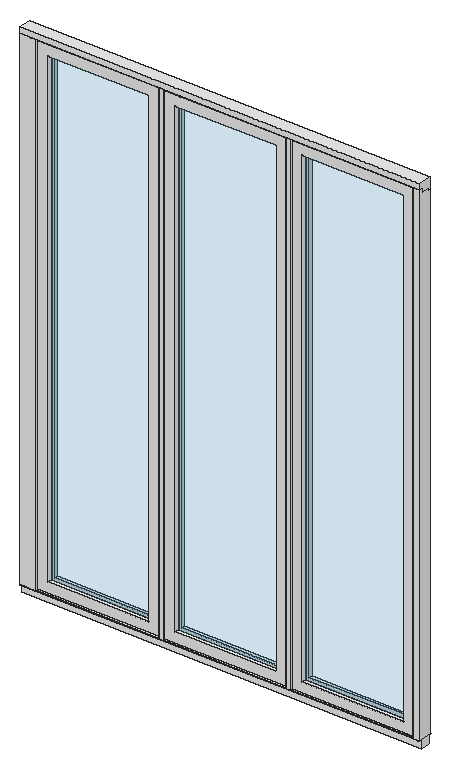
Revit family "Window-NanaWall-SL-73", category Windows, host Wall, Revit 2013
Parameters (values of type "Standard")
  Y N Override Stack [instance] = no
  Y N Override Number of Panels [instance] = no
  Warranty URL = "http://www.nanawall.com/support/warranty"
  URL = "http://www.nanawall.com/design/autocad"
  U Value = 0.34
  Thickness = 2 97/128"
  Subcategory = "Folding Window"  # constant formula
  Stack Thickness [instance] = 2 97/128" * Panels  # 8 35/128"
  Split Stack Right [instance] = 4
  Split Stack [instance] = no
  Size Comment [instance] = if(or(Y N Override Stack, Y N Override Number of Panels), "CONTACT NANAWALL FOR SPECIAL SIZING", " ")  # " "
  Size Chart [instance] = "http://www.nanawall.com/products/sl73/sizes"
  Single Right Stack [instance] = if(and(Y N Override Stack, Left Stack), 1 = 0, if(Right Standard = 1, 1 = 1, if(and(C Split Stack, Split Stack Right = 1), 1 = 1, 1 = 0)))  # no
  Single Panel [instance] = if(and(Closed, system length 1 < 39 1/16"), 1 = 1, if(system length 1 > 39", 1 = 0, 1 = 0))  # no
  Single Mullion [instance] = if(Panels = 2, 1 = 1, 1 = 0)  # no
  Single Left Stack [instance] = if(and(not(Y N Override Stack), (Left Standard = 1)), 1 = 1, if(and(Y N Override Stack, Left Stack, (Panels = 1)), 1 = 1, (if(and(C Split Stack, Split Stack Right = Panels - 1), 1 = 1, 1 = 0))))  # yes
  Sills Available = "Raised, Low Profile Saddle, Flush"  # constant formula
  Sash = Metal - NanaWall - Aluminum
  Rough Width = system length 1 - (2 * (1 141/256"))  # 92 115/128"
  Rough Height = Height - 2 183/256"  # 117 73/256"
  Right Standard [instance] = roundup(Panels / 2)  # 2
  Right Stack Width [instance] = RS C * Thickness  # 5 33/64"
  Right Stack [instance] = no
  RS C [instance] = if(RS = 1, 2, if(RS = 0, 2, if(C Split Stack, Split Stack Right, RS)))  # 2
  RS [instance] = if(Not Override Stack, Right Standard, if(C Right Stack, Panels, if(C Left Stack, 2, if(C Split Stack, Split Stack Right, 2))))  # 2
  Product Page URL = "http://www.nanawall.com/products/sl73"
  Performance URL = "http://www.nanawall.com/products/sl73/testingresult"
  Panels [instance] = if(Y N Override Number of Panels, Override Number of Panels, Panel Constraint)  # 3
  Panel Width [instance] = (system length 1 - (4 211/256" + 2 69/256" + (2 97/128" * Middle Jamb Panels))) / Panels  # 27 51/64"
  Panel Height = Height Constraint - 2 55/256" - 71/256" - 55/256"  # 117 75/256"
  Panel Constraint [instance] = if(system length 1 < 55", 2, if(system length 1 < 82", 2, if(system length 1 < 110", 3, if(system length 1 < 137", 4, if(system length 1 < 166", 5, if(system length 1 < 192", 6, if(system length 1 < 220", 7, if(system length 1 < 247", 8, if(system length 1 < 274", 10, if(system length 1 < 396", 11, if(system length 1 < 432", 12, if(system length 1 < 468", 13, if(system length 1 < 504", 14, if(system length 1 < 540", 15, if(system length 1 < 576", 16, if(system length 1 < 612", 17, if(system length 1 < 648", 18, if(system length 1 < 684", 19, if(system length 1 < 720", 20, 21)))))))))))))))))))  # 3
  Override Number of Panels [instance] = 2
  Opening Width [instance] = system length 1 - (4 211/256" + 2 69/256" + (Panels * 2 97/128"))  # 80 81/128"
  Open Width [instance] = system length 1 - 7 3/32"  # 88 29/32"
  Open Right Single [instance] = if(and(Open, Single Right Stack), 1 = 1, 1 = 0)  # no
  Open Right Multi [instance] = if(and(Open, Multiple Right Stack), 1 = 1, 1 = 0)  # no
  Open Left Single [instance] = if(and(Open, Single Left Stack), 1 = 1, 1 = 0)  # no
  Open Left Multi [instance] = if(and(Open, Multiple Left Stack), 1 = 1, 1 = 0)  # no
  Open [instance] = no
  Not Override Stack [instance] = not(Y N Override Stack)  # yes
  NanaWall Configurator = "http://www.nanawall.com/content/select-wizard"
  Multiple Right Stack [instance] = if(system length 1 < 39 1/16", 1 = 0, if(and(Right Standard < 1.5, Not Override Stack), 1 = 0, if(and(Right Standard > 1, Not Override Stack), 1 = 1, (if(and(C Split Stack, Split Stack Right > 1), 1 = 1, if(C Right Stack, 1 = 1, 1 = 0))))))  # yes
  Multiple Panel [instance] = if(and(Open, system length 1 > 39 1/16"), 1 = 0, if(and(Closed, system length 1 > 39 1/16"), 1 = 1, if(system length 1 < 39", 1 = 0, 1 = 1)))  # yes
  Multiple Left Stack [instance] = if(and(Left Standard > 1, Not Override Stack), 1 = 1, (if(and(C Split Stack, Split Stack Right < Panels - 1), 1 = 1, if(C Left Stack, 1 = 1, 1 = 0))))  # no
  Model = "SL73"  # constant formula
  Middle Jamb Panels [instance] = Actual Number of Panels + 1  # 2
  Max Panel Height = if(Panel Height > 120", 120", Panel Height)  # 117 75/256"
  Manufacturer Toll Free Phone = "(888) 411-NANA(6262)"  # constant formula
  Manufacturer Phone = "(415) 383-3148"  # constant formula
  Manufacturer Fax = "(415) 383-0312"  # constant formula
  Manufacturer Email = "mailto:info@nanawall.com"
  Manufacturer Address = "100 Meadowcreek Drive #250, Corte Madera, CA 94925"  # constant formula
  Manufacturer = "NanaWall Systems, Inc."  # constant formula
  Left Standard [instance] = rounddown(Panels / 2)  # 1
  Left Stack Width [instance] = LS C * Thickness  # 5 33/64"
  Left Stack [instance] = no
  LS C [instance] = if(LS = 1, 2, if(LS = 0, 2, if(C Split Stack, Panels - Split Stack Right, LS)))  # 2
  LS [instance] = if(Not Override Stack, Left Standard, if(C Left Stack, Panels, if(C Right Stack, 2, if(C Split Stack, Panels - Split Stack Right, 2))))  # 1
  Jamb Height = Height Constraint - 1 97/256" - 5/64"  # 118 139/256"
  Installation and Service URL = "http://www.nanawall.com/support/installer"
  Height Constraint = if(Height < 39", 39", if(Height > 120", 120", Height))  # 120"
  Height = 120"
  Wall Closure = By host
  system length 1 = 96"
  Half Panel Width [instance] = Panel Width / 2  # 13 115/128"
  Glazing Options = "http://www.nanawall.com/products/sl73/glazing"
  Glass Material = Glass - NanaWall - Generic
  Filler = Rubber - NanaWall - Black
  Exterior Wall Offset = 3"
  Engineering Details URL = "http://www.nanawall.com/products/sl73/component"
  Disclaimer = "Please note that the Revit model is for schematic purposes only.  To obtain a detailed 3D model, please go to the NanaWall's configurator at www.nanawall.com."  # constant formula
  Description = "Miami Dade / AAMA Hurricane Approved Thermally Broken Aluminum Framed System"  # constant formula
  Cost Info = "http://www.nanawall.com/design_wizard/sl73/quote-AP-49"
  Closed [instance] = not(Open)  # yes
  Clearance On [instance] = no
  C Split Stack [instance] = if(and(Y N Override Stack, Split Stack), 1 = 1, if(Right Stack, 1 = 0, if(Left Stack, 1 = 0, 1 = 0)))  # no
  C Right Stack [instance] = if(and(Y N Override Stack, Right Stack), 1 = 1, if(Left Stack, 1 = 0, if(Split Stack, 1 = 0, 1 = 1)))  # yes
  C Panels [instance] = if(Panels < 2, 2, Panels)  # 3
  C Middle Jamb Panels [instance] = if(Middle Jamb Panels < 2, 2, Middle Jamb Panels)  # 2
  C Left Stack [instance] = if(and(Y N Override Stack, Left Stack), 1 = 1, if(Right Stack, 1 = 0, if(Split Stack, 1 = 0, 1 = 0)))  # no
  Assembly Code = "B2030110"
  Actual Number of Panels [instance] = Panels - 2  # 1
  95 CSI = "8411"  # constant formula
  04 CSI = "08 41 13"  # constant formula
Values of the unnamed type that differ from the named types
  Wall Closure = (empty or 0)
Reference planes (in)
  plane 1 "Center (Front/Back)": y = 0
  plane 2 "Center (Left/Right)": x = 0
  plane 3 "Left": x = -48
  plane 4 "Right": x = 48
  plane 5 "Top": z = 120
  plane 6: z = 117.78568
  plane 7 "Top Edge Of Sill": z = 0.46274
  plane 8: z = 60
  plane 9: x = -43.17717
  plane 10: x = 45.73133
  plane 11: x = 40.95878
  plane 12: x = 17.93445
  plane 13: y = 0
  plane 14: y = -1.5748
  plane 15: x = -15.38029
  plane 16: y = 1.5748
  plane 17: y = 1.1811
  plane 18: x = -14.00234
  plane 19: x = 16.55555
  plane 20: x = 15.1776
  plane 21: x = -12.62438
  plane 22: z = 118.34646
  plane 23: z = 0.07874
  plane 24: x = 46.47441
  plane 25: x = -43.91535
  plane 26: x = -38.39973
Lines and regions (in)
  Opening 1
    outline origin (-90, -3, 0) x (1, 0, 0) y (0, 0, 1)
      loop
        line (42, 0) -> (138, 0) -> (138, 120) -> (42, 120) -> (42, 0)
  symbolic lines
    curve 1: line (-48, 1.1811, 0) -> (48, 1.1811, 0)
    curve 2: line (48, -1.5748, 0) -> (-48, -1.5748, 0)
    curve 3: line (-43.91535, -1.5748, 0) -> (-43.91535, 1.1811, 0)
    curve 4: line (46.47441, -1.5748, 0) -> (46.47441, 1.1811, 0)
  symbolic lines, visible <- "Clearance On"
    curve 5: line (-43.91535, -29.37168, 0) -> (-43.91535, -1.5748, 0)
    curve 6: line (46.47441, -29.37168, 0) -> (-43.91535, -29.37168, 0)
    curve 7: line (46.47441, -1.5748, 0) -> (46.47441, -29.37168, 0)
Text (in)
  text "Exterior" at (-74.96733, 72.19792, 0), in view "Ref. Level"
  text "Interior" at (-74.96733, -80.65592, 0), in view "Ref. Level"
  text "Exterior" at (0, 40.15149, 123.01588), in view "Right"
  text "Interior" at (0, -64.39139, 123.01588), in view "Right"
  text "Interior" at (0, -31.01599, 123.00693), in view "Left"
  text "Exterior" at (0, 54.57065, 123.00693), in view "Left"
Dimensions and locks (in)
  "Height Constraint": level to plane 5 "Top"
  "system length 1": plane 3 "Left" to plane 4 "Right"
  locked: level to plane 7 "Top Edge Of Sill" at 0.46274
  locked: plane 6 to plane 5 "Top" at 2.21432
  equal spacing: level, plane 8, plane 5 "Top"
  locked: plane 10 to plane 4 "Right" at 2.26867
  "Right Stack Width": plane 11 to plane 24
  "Panel Width": plane 12 to plane 10
  "Exterior Wall Offset": host wall to plane 13
  group 2 to group 1 = 2 97/128"
  group 1 to group 2 = 0"  (x2)
  locked: plane 13 to plane 14 at 1.5748
  equal spacing: plane 3 "Left", plane 2 "Center (Left/Right)", plane 4 "Right"
  locked: plane 3 "Left" to plane 9 at 4.82283
  "Panel Width": plane 9 to plane 15
  locked: plane 15 to plane 18 at 1.37795
  locked: plane 19 to plane 12 at 1.37891
  locked: plane 20 to plane 19 at 1.37795
  locked: plane 18 to plane 21 at 1.37795
  plane 15 to plane 21 = 2.75591"
  plane 22 to plane 5 "Top" = 1.65354"
  locked: plane 23 to level at 0.07874
  group 3 to group 4 = 30.55789"
  group 3 to group 4 = 0"  (x2)
  locked: plane 24 to plane 4 "Right" at 1.52559
  locked: plane 3 "Left" to plane 25 at 4.08465
  "Left Stack Width": plane 25 to plane 26
  group 5 to group 6 = 2 97/128"
  group 5 to group 6 = 0"  (x2)
  group 8 to group 7 = 2.75972"
  group 7 to group 8 = 0"  (x2)
  group 9 to group 10 = 2.75972"
  group 9 to group 10 = 0"  (x2)
  plane 3 "Left" to plane 9 = 4.82283"
  plane 10 to plane 4 "Right" = 2.26867"
  equal spacing: group 11, group 12, group 13  (x3)
  "Panel Width": plane 14 to curve 6
  aligned and locked: plane 3 "Left" to Opening 1 sketch curve
  aligned and locked: plane 5 "Top" to Opening 1 sketch curve  (x2)
  aligned and locked: Opening 1 sketch curve to plane 4 "Right"
  aligned and locked: Opening 1 sketch curve to level
  aligned and locked: nested 1 to nested 3
  aligned and locked: plane 5 "Top" to nested 3
  aligned and locked: plane 3 "Left" to nested 4
  aligned and locked: plane 14 to nested 6
  aligned and locked: nested 4 to plane 13
  aligned and locked: nested 2 to plane 13
  aligned and locked: plane 4 "Right" to nested 2
  aligned and locked: plane 3 "Left" to nested 2
  aligned and locked: plane 14 to nested 5
  aligned and locked: nested 1 to plane 4 "Right"
  aligned and locked: nested 2 to level
  aligned and locked: plane 9 to nested 7
  aligned and locked: nested 8 to plane 18
  aligned and locked: nested 1 to plane 23
  aligned and locked: plane 23 to nested 4
  aligned and locked: nested 8 to plane 23
  aligned and locked: nested 6 to plane 11
  aligned and locked: plane 14 to nested 8
  aligned and locked: plane 19 to nested 9
  aligned and locked: plane 14 to nested 9
  aligned and locked: nested 9 to plane 23
  aligned and locked: plane 14 to nested 1
  aligned and locked: plane 14 to nested 12
  aligned and locked: nested 5 to plane 24
  aligned and locked: nested 12 to plane 24
  aligned and locked: plane 14 to nested 13
  aligned and locked: plane 25 to nested 13
  aligned and locked: nested 14 to plane 26
  aligned and locked: plane 14 to nested 14
  aligned and locked: plane 14 to nested 11
  aligned and locked: plane 25 to nested 11
  aligned and locked: nested 10 to plane 14
  aligned and locked: nested 15 to plane 14
  aligned and locked: plane 24 to nested 15
  aligned and locked: nested 16 to plane 11
  aligned and locked: nested 16 to plane 14
  aligned and locked: plane 24 to nested 10
  aligned and locked: plane 14 to nested 18
  aligned and locked: nested 18 to plane 25
  aligned and locked: nested 19 to plane 26
  aligned and locked: plane 14 to nested 19
  aligned and locked: plane 14 to nested 17
  aligned and locked: nested 17 to plane 25
  aligned and locked: plane 9 to nested 20
  aligned and locked: nested 21 to plane 18
  aligned and locked: plane 14 to nested 21
  aligned and locked: nested 12 to plane 14
  aligned and locked: nested 6 to plane 14
  aligned and locked: nested 13 to plane 14
  aligned and locked: nested 14 to plane 14
  aligned and locked: nested 11 to plane 14
  aligned and locked: nested 5 to plane 14
  aligned and locked: curve 5 to plane 25
  aligned and locked: plane 24 to curve 7
  aligned and locked: nested 22 to plane 21
Automatic sketch dimensions
  curve 2 to plane 3 "Left" = 0"
  curve 1 to plane 3 "Left" = 0"
  curve 3 to plane 17 = 0"
  curve 3 to plane 25 = 0"
  curve 4 to plane 24 = 0"
  curve 1 to plane 4 "Right" = 0"
  curve 2 to plane 4 "Right" = 0"
  curve 5 to plane 14 = 0"
Nested families (in)
  nested 1: "Right-Jamb_SL-73" at (55.30207, 0, 0.07874), type "Right-Jamb_SL-73"
  nested 2: "Sill_SL-73" at (7.30207, 0, 0), type ""
  nested 3: "Header_SL-73" at (7.30207, 0, 0), type ""
  nested 4: "Left-Jamb_SL-73" at (-40.69793, 0, 0.07874), type ""
  nested 5: "DetailItem_Panel" at (45.05023, -13.81307, 0), visible <- "Multiple Right Stack", type "DetailItem_Panel"
  nested 6: "DetailItem_Panel" at (42.29242, -13.81307, 0), visible <- "Multiple Right Stack", type "DetailItem_Panel"
  nested 7: "Sash_SL-73_NanaWall" at (-29.29107, 7.70117, 0.75811), visible <- "Multiple Panel", type "Sash-1_SL-73_NanaWall"
  nested 8: "Middle-Jamb_SL-73" at (-6.70027, -0.19685, 0.07874), visible <- "Multiple Panel", type "Middle-Jamb_SL-73"
  nested 9: "Middle-Jamb_SL-73" at (23.85762, -0.19685, 0.07874), visible <- "Multiple Panel", type "Middle-Jamb_SL-73"
  nested 10: "Sash_SL-73_NanaWall" at (37.39528, -15.48559, 0.75811) x (0, 1, 0) z (0, 0, 1), visible <- "Open Right Single", type "Sash-1_SL-73_NanaWall"
  nested 11: "DetailItem_Panel" at (-42.58172, -13.81307, 0), visible <- "Single Left Stack", type "DetailItem_Panel"
  nested 12: "DetailItem_Panel" at (45.05023, -13.81307, 0), visible <- "Single Right Stack", type "DetailItem_Panel"
  nested 13: "DetailItem_Panel" at (-42.58172, -13.81307, 0), visible <- "Multiple Left Stack", type "DetailItem_Panel"
  nested 14: "DetailItem_Panel" at (-39.82391, -13.81307, 0), visible <- "Multiple Left Stack", type "DetailItem_Panel"
  nested 15: "Sash_SL-73_NanaWall" at (37.39528, -15.48559, 0.75811) x (0, 1, 0) z (0, 0, 1), visible <- "Open Right Multi", type "Sash-1_SL-73_NanaWall"
  nested 16: "Sash_SL-73_NanaWall" at (34.63557, -15.48559, 0.75811) x (0, 1, 0) z (0, 0, 1), visible <- "Open Right Multi", type "Sash-1_SL-73_NanaWall"
  nested 17: "Sash_SL-73_NanaWall" at (-34.83623, -15.46089, 0.75811) x (0, -1, 0) z (0, 0, 1), visible <- "Open Left Single", type "Sash-1_SL-73_NanaWall"
  nested 18: "Sash_SL-73_NanaWall" at (-34.83623, -15.46089, 0.75811) x (0, -1, 0) z (0, 0, 1), visible <- "Open Left Multi", type "Sash-1_SL-73_NanaWall"
  nested 19: "Sash_SL-73_NanaWall" at (-32.07651, -15.46089, 0.75811) x (0, -1, 0) z (0, 0, 1), visible <- "Open Left Multi", type "Sash-1_SL-73_NanaWall"
  nested 20: "Sash_SL-73_NanaWall" at (1.26361, 7.70117, 0.75811), visible <- "Single Panel", type "Sash-1_SL-73_NanaWall Full"
  nested 21: "Middle-Jamb_SL-73" at (-6.70027, -0.19685, 0.07874), visible <- "Single Mullion", type "Middle-Jamb_SL-73"
  nested 22: "Sash_SL-73_NanaWall" at (1.26171, 7.70117, 0.75811), visible <- "Multiple Panel", type "Sash-1_SL-73_NanaWall"
  nested 23: "Sash_SL-73_NanaWall" at (31.81449, 7.70117, 0.75811), visible <- "Multiple Panel", type "Sash-1_SL-73_NanaWall"
Definition of nested family "Right-Jamb_SL-73"
  Parameters (values of type "Right-Jamb_SL-73")
    built-in parameter 1001301 = 12"
    Right Jamb = none
    Height = 118 139/256"
    Half = yes
    Assembly Code = ""
  Reference planes (in)
    plane 1 "Center (Front/Back)": y = 0
    plane 2: z = 0
    plane 3 "Center (Left/Right)": x = -7.30207
    plane 4 "Top": z = 118.54297
    plane 5: y = 1.5748
    plane 6: y = -1.5748
    plane 7: x = -9.57074
  Forms (in)
    Extrusion 1, solid, material <- "Right Jamb"
      sketch origin (0, -0.05622, 0) x (1, 0, 0) y (0, 1, 0)
        loop
          line (-7.30207, 1.63102) -> (-9.86112, 1.63102) -> (-9.86112, 1.24778) -> (-9.57074, 1.24778) -> (-9.57074, -0.55402) -> (-8.70955, -0.55402) -> (-8.70955, -1.51859) -> (-7.30207, -1.51859) -> (-7.30207, 1.63102)
      from 0 to 118.54297
  Lines and regions (in)
    Masking region 1
      outline origin (0, -0.05622, 0) x (1, 0, 0) y (0, 1, 0)
        loop
          line (-7.30207, 1.63102) -> (-9.86112, 1.63102) -> (-9.86112, 1.24778) -> (-9.57074, 1.24778) -> (-9.57074, -0.55402) -> (-8.70955, -0.55402) -> (-8.70955, -1.51859) -> (-7.30207, -1.51859) -> (-7.30207, 1.63102)
  Dimensions and locks (in)
    "Height": plane 4 "Top" to level
    plane 4 "Top" to level = 118 139/256"
    aligned and locked: Extrusion 1 sketch curve to plane 3 "Center (Left/Right)"
    aligned and locked: plane 4 "Top" to Extrusion 1
    aligned and locked: Extrusion 1 to level
  Automatic sketch dimensions
    Masking region 1 sketch curve to plane 3 "Center (Left/Right)" = 0"
    Extrusion 1 sketch curve to plane 1 "Center (Front/Back)" = 1.5748"
    Extrusion 1 sketch curve to plane 3 "Center (Left/Right)" = 1.40748"
    Masking region 1 sketch curve to plane 1 "Center (Front/Back)" = 1.5748"
    Extrusion 1 sketch curve to Extrusion 1 sketch curve = 0.86119"
    Extrusion 1 sketch curve to Extrusion 1 sketch curve = 1.15157"
    Extrusion 1 sketch curve to Extrusion 1 sketch curve = 0.96457"
    plane 1 "Center (Front/Back)" to Extrusion 1 sketch curve = 0.61024"
    Extrusion 1 sketch curve to Extrusion 1 sketch curve = 0.38324"
    Masking region 1 sketch curve to Masking region 1 sketch curve = 0.86119"
    plane 1 "Center (Front/Back)" to Masking region 1 sketch curve = 0.61024"
    Masking region 1 sketch curve to Masking region 1 sketch curve = 0.29038"
    Masking region 1 sketch curve to Masking region 1 sketch curve = 0.38324"
    Masking region 1 sketch curve to plane 3 "Center (Left/Right)" = 1.40748"
    plane 1 "Center (Front/Back)" to Masking region 1 sketch curve = 1.5748"
  Nested families (in)
    nested 1: "RightJamb_SL73" at (-11.28334, 0, 0), type "RightJamb_SL73"
  Definition of nested family "RightJamb_SL73"
    Parameters (values of type "RightJamb_SL73")
      SmartBIM Object Version = 1  # constant formula
      SmartBIM Object Created By = "Reed Construction Data"  # constant formula
      Half Piece = yes
      Assembly Code = ""
      95 CSI = ""
      04 CSI = ""
    Reference planes (in)
      plane 1 "Center (Front/Back)": y = 0
      plane 2: z = 0
      plane 3 "Center (Left/Right)": x = 0
    Lines and regions (in)
      model lines, style "DetailComponents", in view "Ref. Level"
        curve 1: arc (2.57379, -1.53543, 0) -> (2.5541, -1.55512, 0) -> (2.57379, -1.5748, 0) r 0.01969
        curve 2: circle (2.45568, -1.85039, 0) r 0.12795 normal (0, 0, 1)
        curve 3: arc (2.34544, -1.64147, 0) -> (2.33369, -2.05268, 0) -> (2.6919, -1.85039, 0) r 0.23622
        curve 4: circle (2.45568, -1.85039, 0) r 0.14764 normal (0, 0, 1)
        curve 5: line (2.38481, -1.66674, 0) -> (2.34544, -1.64147, 0)
        curve 6: arc (2.77261, -1.12539, 0) -> (2.75634, -1.07746, 0) -> (2.71425, -1.04933, 0) r 0.07874
        curve 7: arc (2.71425, -1.41523, 0) -> (2.75634, -1.38711, 0) -> (2.77261, -1.33918, 0) r 0.07874
        curve 8: circle (2.45568, -1.85039, 0) r 0.17717 normal (0, 0, 1)
        curve 9: arc (2.18009, -1.85039, 0) -> (2.60151, -2.08424, 0) -> (2.57694, -1.60291, 0) r 0.27559
        curve 10: arc (2.56591, -0.98425, 0) -> (2.55438, -0.95641, 0) -> (2.52654, -0.94488, 0) r 0.03937
        curve 11: arc (2.33757, -1.5748, 0) -> (2.35725, -1.55512, 0) -> (2.33757, -1.53543, 0) r 0.01969
        curve 12: arc (2.56591, -1.58524, 0) -> (2.5689, -1.59565, 0) -> (2.57694, -1.60291, 0) r 0.01969
        curve 13: circle (2.45568, -1.85039, 0) r 0.15748 normal (0, 0, 1)
        curve 14: circle (2.45568, -1.85039, 0) r 0.12205 normal (0, 0, 1)
        curve 15: arc (2.19711, -1.04933, 0) -> (2.15502, -1.07746, 0) -> (2.13875, -1.12539, 0) r 0.07874
        curve 16: arc (2.13875, -1.33918, 0) -> (2.15502, -1.38711, 0) -> (2.19711, -1.41523, 0) r 0.07874
        curve 17: line (2.60332, -1.5748, 0) -> (2.60332, -1.39378, 0)
        curve 18: line (2.60332, -1.39378, 0) -> (2.66237, -1.37795, 0)
        curve 19: line (2.66237, -1.37795, 0) -> (2.66237, -1.50394, 0)
        curve 20: line (2.6919, -1.85039, 0) -> (2.6919, -1.59063, 0)
        curve 21: line (2.6919, -1.59063, 0) -> (2.63284, -1.5748, 0)
        curve 22: line (2.63284, -1.5748, 0) -> (2.57379, -1.5748, 0)
        curve 23: line (2.57379, -1.53543, 0) -> (2.57379, -1.37008, 0)
        curve 24: line (2.57379, -1.37008, 0) -> (2.65253, -1.34898, 0)
        curve 25: line (2.65253, -1.34898, 0) -> (2.65253, -1.11559, 0)
        curve 26: line (2.65253, -1.11559, 0) -> (2.57379, -1.09449, 0)
        curve 27: line (2.67418, -1.35827, 0) -> (2.66237, -1.35827, 0)
        curve 28: line (2.66237, -1.35827, 0) -> (2.66237, -1.42913, 0)
        curve 29: line (2.66237, -1.42913, 0) -> (2.71425, -1.41523, 0)
        curve 30: line (2.65253, -1.3189, 0) -> (2.67418, -1.3189, 0)
        curve 31: line (2.67418, -1.29921, 0) -> (2.65253, -1.29921, 0)
        curve 32: line (2.60332, -1.06685, 0) -> (2.66237, -1.08268, 0)
        curve 33: line (2.66237, -1.08268, 0) -> (2.59544, -1.08268, 0)
        curve 34: line (2.59544, -1.08268, 0) -> (2.59544, -1.10029, 0)
        curve 35: line (2.66237, -1.12205, 0) -> (2.66237, -1.03543, 0)
        curve 36: line (2.66237, -1.03543, 0) -> (2.71425, -1.04933, 0)
        curve 37: line (2.67418, -1.42597, 0) -> (2.67418, -1.0386, 0)
        curve 38: line (2.77261, -1.12266, 0) -> (2.77261, -1.33918, 0)
        curve 39: line (2.45568, -2.24409, 0) -> (2.45568, -1.45669, 0)
        curve 40: line (2.84938, -1.85039, 0) -> (2.06198, -1.85039, 0)
        curve 41: line (2.56591, -1.58524, 0) -> (2.56591, -0.98425, 0)
        curve 42: line (2.52654, -0.94488, 0) -> (2.33757, -0.94488, 0)
        curve 43: line (2.33757, -0.94488, 0) -> (2.33757, -1.10256, 0)
        curve 44: line (2.33757, -1.10256, 0) -> (2.31591, -1.16205, 0)
        curve 45: line (2.25883, -1.3189, 0) -> (2.25883, -1.34898, 0)
        curve 46: line (2.25883, -1.34898, 0) -> (2.33757, -1.37008, 0)
        curve 47: line (2.33757, -1.37008, 0) -> (2.33757, -1.53543, 0)
        curve 48: line (2.33757, -1.53543, 0) -> (2.33757, -1.5748, 0)
        curve 49: line (2.33757, -1.5748, 0) -> (2.27851, -1.5748, 0)
        curve 50: line (2.27851, -1.5748, 0) -> (2.18009, -1.60118, 0)
        curve 51: line (2.18009, -1.60118, 0) -> (2.18009, -1.85039, 0)
        curve 52: line (2.13875, -1.12539, 0) -> (2.13875, -1.33918, 0)
        curve 53: line (2.23717, -1.42597, 0) -> (2.23717, -1.0386, 0)
        curve 54: line (2.19711, -1.41523, 0) -> (2.24899, -1.42913, 0)
        curve 55: line (2.24899, -1.42913, 0) -> (2.24899, -1.35827, 0)
        curve 56: line (2.24899, -1.35827, 0) -> (2.23717, -1.35827, 0)
        curve 57: line (2.24899, -1.12205, 0) -> (2.24899, -1.03543, 0)
        curve 58: line (2.24899, -1.03543, 0) -> (2.19711, -1.04933, 0)
        curve 59: line (2.24899, -1.08268, 0) -> (2.31591, -1.08268, 0)
        curve 60: line (2.31591, -1.08268, 0) -> (2.31591, -1.29921, 0)
        curve 61: line (2.31591, -1.29921, 0) -> (2.31591, -1.3189, 0)
        curve 62: line (2.31591, -1.3189, 0) -> (2.23717, -1.3189, 0)
        curve 63: line (2.23717, -1.29921, 0) -> (2.31591, -1.29921, 0)
        curve 64: arc (1.95765, -0.84252, 0) -> (1.97157, -0.83675, 0) -> (1.97733, -0.82283, 0) r 0.01969
        curve 65: arc (1.84347, -0.82283, 0) -> (1.84924, -0.83675, 0) -> (1.86316, -0.84252, 0) r 0.01969
        curve 66: arc (1.86316, -0.76378, 0) -> (1.84924, -0.76955, 0) -> (1.84347, -0.78346, 0) r 0.01969
        curve 67: arc (1.81198, -0.75394, 0) -> (1.81025, -0.74976, 0) -> (1.80607, -0.74803, 0) r 0.00591
        curve 68: arc (1.76867, -0.70079, 0) -> (1.74083, -0.71232, 0) -> (1.7293, -0.74016, 0) r 0.03937
        curve 69: arc (1.78692, -0.79826, 0) -> (1.77731, -0.79863, 0) -> (1.77261, -0.80703, 0) r 0.00984
        curve 70: arc (2.25472, -0.63848, 0) -> (2.12965, -0.61284, 0) -> (2.002, -0.61468, 0) r 0.59055
        curve 71: arc (2.23417, -0.68154, 0) -> (2.12203, -0.65958, 0) -> (2.00778, -0.66157, 0) r 0.54331
        curve 72: arc (2.12908, -0.81881, 0) -> (2.2154, -0.79751, 0) -> (2.28521, -0.74243, 0) r 0.21027
        curve 73: arc (2.002, -0.61468, 0) -> (1.98145, -0.64101, 0) -> (2.00778, -0.66157, 0) r 0.02362
        curve 74: arc (2.01473, -0.74803, 0) -> (2.01056, -0.74976, 0) -> (2.00883, -0.75394, 0) r 0.00591
        curve 75: arc (1.97733, -0.78346, 0) -> (1.97157, -0.76955, 0) -> (1.95765, -0.76378, 0) r 0.01969
        curve 76: arc (2.123, -0.75394, 0) -> (2.12127, -0.74976, 0) -> (2.1171, -0.74803, 0) r 0.00591
        curve 77: arc (2.0482, -0.81565, 0) -> (2.0435, -0.80726, 0) -> (2.03389, -0.80688, 0) r 0.00984
        curve 78: arc (2.123, -0.81291, 0) -> (2.12479, -0.81714, 0) -> (2.12908, -0.81881, 0) r 0.00591
        curve 79: arc (2.28521, -0.74243, 0) -> (2.29752, -0.68237, 0) -> (2.25472, -0.63848, 0) r 0.06544
        curve 80: arc (2.23127, -0.70079, 0) -> (2.241, -0.69241, 0) -> (2.23417, -0.68154, 0) r 0.00984
        curve 81: arc (3.32927, 0.82916, 0) -> (3.31198, 0.7874, 0) -> (3.32927, 0.74564, 0) r 0.05906
        curve 82: arc (3.56001, 0.65748, 0) -> (3.58757, 0.62992, 0) -> (3.56001, 0.60236, 0) r 0.02756
        curve 83: arc (3.06801, 0.81496, 0) -> (3.11114, 0.83367, 0) -> (3.12694, 0.87795, 0) r 0.05906
        curve 84: arc (3.33054, 0.87795, 0) -> (3.34873, 0.8658, 0) -> (3.34446, 0.84435, 0) r 0.01969
        curve 85: arc (3.83989, -0.13806, 0) -> (3.83465, -0.14266, 0) -> (3.83511, -0.14961, 0) r 0.00787
        curve 86: arc (3.88966, -0.24409, 0) -> (3.88966, -0.25197, 0) -> (3.88284, -0.25591, 0) r 0.00787
        curve 87: arc (3.70174, -0.25591, 0) -> (3.69492, -0.25197, 0) -> (3.69492, -0.24409, 0) r 0.00787
        curve 88: arc (3.74947, -0.14961, 0) -> (3.74947, -0.14173, 0) -> (3.74266, -0.1378, 0) r 0.00787
        curve 89: arc (3.6881, -0.1378, 0) -> (3.66842, -0.14307, 0) -> (3.65401, -0.15748, 0) r 0.03937
        curve 90: arc (3.29278, -0.15748, 0) -> (3.27837, -0.14307, 0) -> (3.25869, -0.1378, 0) r 0.03937
        curve 91: arc (3.20413, -0.1378, 0) -> (3.19731, -0.14173, 0) -> (3.19731, -0.14961, 0) r 0.00787
        curve 92: arc (3.25187, -0.24409, 0) -> (3.25187, -0.25197, 0) -> (3.24505, -0.25591, 0) r 0.00787
        curve 93: arc (3.06395, -0.25591, 0) -> (3.05713, -0.25197, 0) -> (3.05713, -0.24409, 0) r 0.00787
        curve 94: arc (3.11168, -0.14961, 0) -> (3.11214, -0.14266, 0) -> (3.1069, -0.13806, 0) r 0.00787
        curve 95: arc (3.0218, -0.11526, 0) -> (3.00472, -0.11866, 0) -> (2.99702, -0.13427, 0) r 0.01969
        curve 96: arc (2.20568, -0.25591, 0) -> (2.17025, -0.29134, 0) -> (2.20568, -0.32677, 0) r 0.03543
        curve 97: arc (2.41681, -0.39438, 0) -> (2.40942, -0.39828, 0) -> (2.40647, -0.4061, 0) r 0.01181
        curve 98: arc (2.40647, -0.46005, 0) -> (2.40942, -0.46786, 0) -> (2.41681, -0.47177, 0) r 0.01181
        curve 99: arc (2.09938, -0.53937, 0) -> (2.09506, -0.53366, 0) -> (2.08824, -0.5315, 0) r 0.01181
        curve 100: arc (2.06395, -0.5315, 0) -> (2.05559, -0.53496, 0) -> (2.05213, -0.54331, 0) r 0.01181
        curve 101: arc (2.05213, -0.57087, 0) -> (2.06367, -0.5987, 0) -> (2.09151, -0.61024, 0) r 0.03937
        curve 102: arc (3.53082, -0.82908, 0) -> (3.52525, -0.82677, 0) -> (3.51968, -0.82908, 0) r 0.00787
        curve 103: arc (3.51968, -0.74573, 0) -> (3.52525, -0.74803, 0) -> (3.53082, -0.74573, 0) r 0.00787
        curve 104: arc (3.98127, -0.2874, 0) -> (3.97204, -0.26513, 0) -> (3.94977, -0.25591, 0) r 0.0315
        curve 105: arc (3.94977, -0.13427, 0) -> (3.94207, -0.11866, 0) -> (3.92499, -0.11526, 0) r 0.01969
        curve 106: arc (3.32927, -0.74564, 0) -> (3.31198, -0.7874, 0) -> (3.32927, -0.82916, 0) r 0.05906
        curve 107: arc (3.34446, -0.84435, 0) -> (3.34873, -0.8658, 0) -> (3.33054, -0.87795, 0) r 0.01969
        curve 108: arc (3.12694, -0.87795, 0) -> (3.08518, -0.89525, 0) -> (3.06788, -0.93701, 0) r 0.05906
        curve 109: arc (3.06788, -0.97638, 0) -> (3.07941, -1.00422, 0) -> (3.10725, -1.01575, 0) r 0.03937
        curve 110: arc (3.10725, -1.41732, 0) -> (3.07941, -1.42885, 0) -> (3.06788, -1.45669, 0) r 0.03937
        curve 111: arc (2.87103, -1.00394, 0) -> (2.85028, -0.95383, 0) -> (2.80017, -0.93307, 0) r 0.07087
        curve 112: arc (2.67418, -0.61024, 0) -> (2.65343, -0.56013, 0) -> (2.60332, -0.53937, 0) r 0.07087
        curve 113: arc (3.83166, 0.41591, 0) -> (3.8343, 0.40606, 0) -> (3.84151, 0.39886, 0) r 0.01969
        curve 114: arc (3.84151, -0.12327, 0) -> (3.8343, -0.13047, 0) -> (3.83166, -0.14032, 0) r 0.01969
        curve 115: arc (3.88186, 0.26645, 0) -> (3.87658, 0.28614, 0) -> (3.86217, 0.30055, 0) r 0.03937
        curve 116: arc (3.86217, -0.02496, 0) -> (3.87658, -0.01055, 0) -> (3.88186, 0.00914, 0) r 0.03937
        curve 117: arc (3.86808, -0.25591, 0) -> (3.87365, -0.2536, 0) -> (3.87595, -0.24803, 0) r 0.00787
        curve 118: arc (3.70863, -0.24803, 0) -> (3.71094, -0.2536, 0) -> (3.71651, -0.25591, 0) r 0.00787
        curve 119: arc (3.77261, -0.07667, 0) -> (3.7582, -0.09108, 0) -> (3.75292, -0.11077, 0) r 0.03937
        curve 120: arc (3.75292, 0.38636, 0) -> (3.7582, 0.36667, 0) -> (3.77261, 0.35226, 0) r 0.03937
        curve 121: arc (3.71651, 0.5315, 0) -> (3.71094, 0.52919, 0) -> (3.70863, 0.52362, 0) r 0.00787
        curve 122: arc (3.87595, 0.52362, 0) -> (3.87365, 0.52919, 0) -> (3.86808, 0.5315, 0) r 0.00787
        curve 123: arc (3.94288, -0.06474, 0) -> (3.95009, -0.05753, 0) -> (3.95273, -0.04769, 0) r 0.01969
        curve 124: arc (3.95273, 0.32328, 0) -> (3.95009, 0.33312, 0) -> (3.94288, 0.34033, 0) r 0.01969
        curve 125: arc (3.11513, -0.14032, 0) -> (3.11249, -0.13047, 0) -> (3.10528, -0.12327, 0) r 0.01969
        curve 126: arc (3.10528, 0.39886, 0) -> (3.11249, 0.40606, 0) -> (3.11513, 0.41591, 0) r 0.01969
        curve 127: arc (3.06493, 0.00914, 0) -> (3.0702, -0.01055, 0) -> (3.08462, -0.02496, 0) r 0.03937
        curve 128: arc (3.08462, 0.30055, 0) -> (3.0702, 0.28614, 0) -> (3.06493, 0.26645, 0) r 0.03937
        curve 129: arc (3.07871, 0.5315, 0) -> (3.07314, 0.52919, 0) -> (3.07084, 0.52362, 0) r 0.00787
        curve 130: arc (3.23816, 0.52362, 0) -> (3.23585, 0.52919, 0) -> (3.23028, 0.5315, 0) r 0.00787
        curve 131: arc (3.17418, 0.35226, 0) -> (3.18859, 0.36667, 0) -> (3.19387, 0.38636, 0) r 0.03937
        curve 132: arc (3.19387, -0.11077, 0) -> (3.18859, -0.09108, 0) -> (3.17418, -0.07667, 0) r 0.03937
        curve 133: arc (3.23028, -0.25591, 0) -> (3.23585, -0.2536, 0) -> (3.23816, -0.24803, 0) r 0.00787
        curve 134: arc (3.07084, -0.24803, 0) -> (3.07314, -0.2536, 0) -> (3.07871, -0.25591, 0) r 0.00787
        curve 135: arc (3.00391, 0.34033, 0) -> (2.9967, 0.33312, 0) -> (2.99406, 0.32328, 0) r 0.01969
        curve 136: arc (2.99406, -0.04769, 0) -> (2.9967, -0.05753, 0) -> (3.00391, -0.06474, 0) r 0.01969
        curve 137: arc (3.51968, 0.74573, 0) -> (3.52525, 0.74803, 0) -> (3.53082, 0.74573, 0) r 0.00787
        curve 138: arc (3.98127, 0.56299, 0) -> (3.97204, 0.54072, 0) -> (3.94977, 0.5315, 0) r 0.0315
        curve 139: arc (3.94977, 0.40987, 0) -> (3.94207, 0.39425, 0) -> (3.92499, 0.39085, 0) r 0.01969
        curve 140: arc (3.83989, 0.41365, 0) -> (3.83465, 0.41825, 0) -> (3.83511, 0.4252, 0) r 0.00787
        curve 141: arc (3.88966, 0.51969, 0) -> (3.88966, 0.52756, 0) -> (3.88284, 0.5315, 0) r 0.00787
        curve 142: arc (3.70174, 0.5315, 0) -> (3.69492, 0.52756, 0) -> (3.69492, 0.51969, 0) r 0.00787
        curve 143: arc (3.74947, 0.4252, 0) -> (3.74947, 0.41732, 0) -> (3.74266, 0.41339, 0) r 0.00787
        curve 144: arc (3.6881, 0.41339, 0) -> (3.66842, 0.41866, 0) -> (3.65401, 0.43307, 0) r 0.03937
        curve 145: arc (3.29278, 0.43307, 0) -> (3.27837, 0.41866, 0) -> (3.25869, 0.41339, 0) r 0.03937
        curve 146: arc (3.20413, 0.41339, 0) -> (3.19731, 0.41732, 0) -> (3.19731, 0.4252, 0) r 0.00787
        curve 147: arc (3.25187, 0.51969, 0) -> (3.25187, 0.52756, 0) -> (3.24505, 0.5315, 0) r 0.00787
        curve 148: arc (3.06395, 0.5315, 0) -> (3.05713, 0.52756, 0) -> (3.05713, 0.51969, 0) r 0.00787
        curve 149: arc (3.11168, 0.4252, 0) -> (3.11214, 0.41825, 0) -> (3.1069, 0.41365, 0) r 0.00787
        curve 150: arc (3.0218, 0.39085, 0) -> (3.00472, 0.39425, 0) -> (2.99702, 0.40987, 0) r 0.01969
        curve 151: arc (2.20568, 0.5315, 0) -> (2.17025, 0.56693, 0) -> (2.20568, 0.60236, 0) r 0.03543
        curve 152: arc (2.41681, 0.66997, 0) -> (2.40942, 0.67387, 0) -> (2.40647, 0.68169, 0) r 0.01181
        curve 153: arc (2.40647, 0.73564, 0) -> (2.40942, 0.74345, 0) -> (2.41681, 0.74736, 0) r 0.01181
        curve 154: arc (2.09938, 0.81496, 0) -> (2.09506, 0.80925, 0) -> (2.08824, 0.80709, 0) r 0.01181
        curve 155: arc (2.06395, 0.80709, 0) -> (2.05559, 0.81055, 0) -> (2.05213, 0.8189, 0) r 0.01181
        curve 156: arc (2.05213, 0.84646, 0) -> (2.06367, 0.8743, 0) -> (2.09151, 0.88583, 0) r 0.03937
        curve 157: arc (2.06395, 1.42913, 0) -> (2.04665, 1.38738, 0) -> (2.00489, 1.37008, 0) r 0.05906
        curve 158: arc (1.61906, 1.49606, 0) -> (1.53983, 1.46555, 0) -> (1.50155, 1.38976, 0) r 0.11811
        curve 159: arc (1.65843, 1.38976, 0) -> (1.70019, 1.37247, 0) -> (1.71749, 1.33071, 0) r 0.05906
        curve 160: arc (1.71749, 1.27953, 0) -> (1.70596, 1.25169, 0) -> (1.67812, 1.24016, 0) r 0.03937
        curve 161: arc (1.65056, 1.24016, 0) -> (1.63664, 1.24592, 0) -> (1.63088, 1.25984, 0) r 0.01969
        curve 162: arc (1.50883, 1.25984, 0) -> (1.50306, 1.24592, 0) -> (1.48914, 1.24016, 0) r 0.01969
        curve 163: arc (1.42221, 1.37795, 0) -> (1.47987, 1.51715, 0) -> (1.61906, 1.5748, 0) r 0.19685
        curve 164: arc (3.53082, 0.82908, 0) -> (3.52525, 0.82677, 0) -> (3.51968, 0.82908, 0) r 0.00787
        curve 165: arc (0.86924, -0.38717, 0) -> (0.87385, -0.39831, 0) -> (0.88499, -0.40292, 0) r 0.01575
        curve 166: arc (0.90622, -0.30895, 0) -> (0.91094, -0.29756, 0) -> (0.91255, -0.28533, 0) r 0.04724
        curve 167: arc (0.91255, 0.42437, 0) -> (0.91094, 0.4366, 0) -> (0.90622, 0.44799, 0) r 0.04724
        curve 168: arc (0.88499, 0.54196, 0) -> (0.87385, 0.53735, 0) -> (0.86924, 0.52621, 0) r 0.01575
        curve 169: arc (1.0346, 0.52621, 0) -> (1.02998, 0.53735, 0) -> (1.01885, 0.54196, 0) r 0.01575
        curve 170: arc (0.99762, 0.44799, 0) -> (0.9929, 0.4366, 0) -> (0.99129, 0.42437, 0) r 0.04724
        curve 171: arc (0.99129, -0.28533, 0) -> (0.9929, -0.29756, 0) -> (0.99762, -0.30895, 0) r 0.04724
        curve 172: arc (1.01885, -0.40292, 0) -> (1.02998, -0.39831, 0) -> (1.0346, -0.38717, 0) r 0.01575
        curve 173: arc (1.4654, -0.38717, 0) -> (1.47002, -0.39831, 0) -> (1.48115, -0.40292, 0) r 0.01575
        curve 174: arc (1.50238, -0.30895, 0) -> (1.5071, -0.29756, 0) -> (1.50871, -0.28533, 0) r 0.04724
        curve 175: arc (1.50871, 0.42437, 0) -> (1.5071, 0.4366, 0) -> (1.50238, 0.44799, 0) r 0.04724
        curve 176: arc (1.48115, 0.54196, 0) -> (1.47002, 0.53735, 0) -> (1.4654, 0.52621, 0) r 0.01575
        curve 177: arc (1.63076, 0.52621, 0) -> (1.62615, 0.53735, 0) -> (1.61501, 0.54196, 0) r 0.01575
        curve 178: arc (1.59378, 0.44799, 0) -> (1.58906, 0.4366, 0) -> (1.58745, 0.42437, 0) r 0.04724
        curve 179: arc (1.58745, -0.28533, 0) -> (1.58906, -0.29756, 0) -> (1.59378, -0.30895, 0) r 0.04724
        curve 180: arc (1.61501, -0.40292, 0) -> (1.62615, -0.39831, 0) -> (1.63076, -0.38717, 0) r 0.01575
        curve 181: arc (1.05118, 0.44353, 0) -> (1.09851, 0.46314, 0) -> (1.11811, 0.51046, 0) r 0.06693
        curve 182: arc (1.00868, 0.45928, 0) -> (1.00081, 0.45141, 0) -> (1.00868, 0.44353, 0) r 0.00787
        curve 183: arc (0.85039, 0.54196, 0) -> (0.84802, 0.5161, 0) -> (0.86485, 0.49633, 0) r 0.03346
        curve 184: arc (0.87794, 0.48396, 0) -> (0.8723, 0.4911, 0) -> (0.86485, 0.49633, 0) r 0.0315
        curve 185: arc (0.89814, 0.46225, 0) -> (0.89434, 0.46314, 0) -> (0.89057, 0.46208, 0) r 0.00787
        curve 186: arc (0.90237, 0.45475, 0) -> (0.90137, 0.45913, 0) -> (0.89814, 0.46225, 0) r 0.00787
        curve 187: arc (0.89655, 0.44766, 0) -> (0.9006, 0.45027, 0) -> (0.90237, 0.45475, 0) r 0.00787
        curve 188: arc (0.84145, 0.4329, 0) -> (0.83514, 0.42868, 0) -> (0.8327, 0.42149, 0) r 0.01181
        curve 189: arc (0.79333, 0.39629, 0) -> (0.80255, 0.37402, 0) -> (0.82483, 0.36479, 0) r 0.0315
        curve 190: arc (0.79333, 0.4022, 0) -> (0.79243, 0.40672, 0) -> (0.78987, 0.41055, 0) r 0.01181
        curve 191: arc (0.77986, 0.42454, 0) -> (0.7803, 0.42116, 0) -> (0.78214, 0.41828, 0) r 0.00787
        curve 192: arc (0.78842, 0.52238, 0) -> (0.79132, 0.53087, 0) -> (0.7874, 0.53895, 0) r 0.01181
        curve 193: arc (0.84646, 0.69157, 0) -> (0.84338, 0.69781, 0) -> (0.83654, 0.69917, 0) r 0.00787
        curve 194: arc (0.27559, 1.1207, 0) -> (0.13394, 1.06379, 0) -> (0.07105, 0.92469, 0) r 0.20472
        curve 195: arc (0.07105, 0.92469, 0) -> (0.07651, 0.91023, 0) -> (0.09072, 0.90416, 0) r 0.01969
        curve 196: arc (0.46457, 0.84511, 0) -> (0.44727, 0.88687, 0) -> (0.40551, 0.90416, 0) r 0.05906
        curve 197: arc (0.41732, 0.71913, 0) -> (0.45073, 0.73296, 0) -> (0.46457, 0.76637, 0) r 0.04724
        curve 198: arc (0.27559, 1.19157, 0) -> (0.08072, 1.11085, 0) -> (0, 0.91598, 0) r 0.27559
        curve 199: arc (1.7126, 1.19157, 0) -> (1.70669, 1.09986, 0) -> (1.7126, 1.00815, 0) r 0.71502
        curve 200: arc (1.65354, 1.00259, 0) -> (1.65662, 0.99634, 0) -> (1.66346, 0.99498, 0) r 0.00787
        curve 201: arc (1.66346, 0.69917, 0) -> (1.65662, 0.69781, 0) -> (1.65354, 0.69157, 0) r 0.00787
        curve 202: arc (1.7126, 0.53895, 0) -> (1.70868, 0.53087, 0) -> (1.71158, 0.52238, 0) r 0.01181
        curve 203: arc (1.71786, 0.41828, 0) -> (1.7197, 0.42116, 0) -> (1.72014, 0.42454, 0) r 0.00787
        curve 204: arc (1.71013, 0.41055, 0) -> (1.70757, 0.40672, 0) -> (1.70667, 0.4022, 0) r 0.01181
        curve 205: arc (1.67517, 0.36479, 0) -> (1.69745, 0.37402, 0) -> (1.70667, 0.39629, 0) r 0.0315
        curve 206: arc (1.6673, 0.42149, 0) -> (1.66486, 0.42868, 0) -> (1.65855, 0.4329, 0) r 0.01181
        curve 207: arc (1.59763, 0.45475, 0) -> (1.5994, 0.45027, 0) -> (1.60345, 0.44766, 0) r 0.00787
        curve 208: arc (1.60186, 0.46225, 0) -> (1.59863, 0.45913, 0) -> (1.59763, 0.45475, 0) r 0.00787
        curve 209: arc (1.60943, 0.46208, 0) -> (1.60566, 0.46314, 0) -> (1.60186, 0.46225, 0) r 0.00787
        curve 210: arc (1.63515, 0.49633, 0) -> (1.6277, 0.4911, 0) -> (1.62206, 0.48396, 0) r 0.0315
        curve 211: arc (1.63515, 0.49633, 0) -> (1.65198, 0.5161, 0) -> (1.64961, 0.54196, 0) r 0.03346
        curve 212: arc (1.49132, 0.44353, 0) -> (1.49919, 0.45141, 0) -> (1.49132, 0.45928, 0) r 0.00787
        curve 213: arc (1.38189, 0.51046, 0) -> (1.40149, 0.46314, 0) -> (1.44882, 0.44353, 0) r 0.06693
        curve 214: arc (1.64961, -0.40292, 0) -> (1.65198, -0.37707, 0) -> (1.63515, -0.35729, 0) r 0.03346
        curve 215: arc (1.62206, -0.34492, 0) -> (1.6277, -0.35206, 0) -> (1.63515, -0.35729, 0) r 0.0315
        curve 216: arc (1.60345, -0.30862, 0) -> (1.59932, -0.31133, 0) -> (1.59762, -0.31597, 0) r 0.00787
        curve 217: arc (1.59762, -0.31597, 0) -> (1.59876, -0.32031, 0) -> (1.60207, -0.32332, 0) r 0.00787
        curve 218: arc (1.60207, -0.32332, 0) -> (1.60578, -0.32409, 0) -> (1.60943, -0.32305, 0) r 0.00787
        curve 219: arc (1.65855, -0.29386, 0) -> (1.66486, -0.28964, 0) -> (1.6673, -0.28245, 0) r 0.01181
        curve 220: arc (1.70667, -0.25725, 0) -> (1.69745, -0.23498, 0) -> (1.67517, -0.22576, 0) r 0.0315
        curve 221: arc (1.70667, -0.26316, 0) -> (1.70757, -0.26768, 0) -> (1.71013, -0.27151, 0) r 0.01181
        curve 222: arc (1.72014, -0.2855, 0) -> (1.7197, -0.28212, 0) -> (1.71786, -0.27924, 0) r 0.00787
        curve 223: arc (1.71158, -0.38334, 0) -> (1.70868, -0.39184, 0) -> (1.7126, -0.39991, 0) r 0.01181
        curve 224: arc (1.67323, -0.48166, 0) -> (1.70107, -0.47013, 0) -> (1.7126, -0.44229, 0) r 0.03937
        curve 225: arc (1.80705, -0.75846, 0) -> (1.80174, -0.74377, 0) -> (1.7874, -0.73757, 0) r 0.01969
        curve 226: arc (2.02362, -0.73757, 0) -> (2.0097, -0.74333, 0) -> (2.00394, -0.75725, 0) r 0.01969
        curve 227: arc (2.11024, -0.77694, 0) -> (2.0987, -0.7491, 0) -> (2.07087, -0.73757, 0) r 0.03937
        curve 228: arc (2.29541, -0.97036, 0) -> (2.28279, -0.94476, 0) -> (2.25619, -0.93442, 0) r 0.03937
        curve 229: arc (2.24409, -1.06434, 0) -> (2.24718, -1.07059, 0) -> (2.25401, -1.07194, 0) r 0.00787
        curve 230: arc (2.25401, -1.36776, 0) -> (2.24718, -1.36912, 0) -> (2.24409, -1.37536, 0) r 0.00787
        curve 231: arc (2.30315, -1.38093, 0) -> (2.29724, -1.47263, 0) -> (2.30315, -1.56434, 0) r 0.71502
        curve 232: arc (0.84646, -0.8045, 0) -> (0.84338, -0.79825, 0) -> (0.83654, -0.79689, 0) r 0.00787
        curve 233: arc (0.83654, -0.56013, 0) -> (0.84338, -0.55878, 0) -> (0.84646, -0.55253, 0) r 0.00787
        curve 234: arc (0.7874, -0.39991, 0) -> (0.79132, -0.39184, 0) -> (0.78842, -0.38334, 0) r 0.01181
        curve 235: arc (0.78214, -0.27924, 0) -> (0.7803, -0.28212, 0) -> (0.77986, -0.2855, 0) r 0.00787
        curve 236: arc (0.78987, -0.27151, 0) -> (0.79243, -0.26768, 0) -> (0.79333, -0.26316, 0) r 0.01181
        curve 237: arc (0.82483, -0.22576, 0) -> (0.80255, -0.23498, 0) -> (0.79333, -0.25725, 0) r 0.0315
        curve 238: arc (0.8327, -0.28245, 0) -> (0.83514, -0.28964, 0) -> (0.84145, -0.29386, 0) r 0.01181
        curve 239: arc (0.90238, -0.31597, 0) -> (0.90068, -0.31133, 0) -> (0.89655, -0.30862, 0) r 0.00787
        curve 240: arc (0.89793, -0.32332, 0) -> (0.90124, -0.32031, 0) -> (0.90238, -0.31597, 0) r 0.00787
        curve 241: arc (0.89057, -0.32305, 0) -> (0.89422, -0.32409, 0) -> (0.89793, -0.32332, 0) r 0.00787
        curve 242: arc (0.86485, -0.35729, 0) -> (0.8723, -0.35206, 0) -> (0.87794, -0.34492, 0) r 0.0315
        curve 243: arc (0.86485, -0.35729, 0) -> (0.84802, -0.37707, 0) -> (0.85039, -0.40292, 0) r 0.03346
        curve 244: arc (1.00187, -0.31631, 0) -> (1.00475, -0.31919, 0) -> (1.00868, -0.32024, 0) r 0.00787
        curve 245: arc (1.00868, -0.3045, 0) -> (1.00187, -0.30843, 0) -> (1.00187, -0.31631, 0) r 0.00787
        curve 246: arc (1.11811, -0.37143, 0) -> (1.09851, -0.3241, 0) -> (1.05118, -0.3045, 0) r 0.06693
        curve 247: arc (1.44882, -0.3045, 0) -> (1.40149, -0.3241, 0) -> (1.38189, -0.37143, 0) r 0.06693
        curve 248: arc (1.49132, -0.32024, 0) -> (1.49525, -0.31919, 0) -> (1.49813, -0.31631, 0) r 0.00787
        curve 249: arc (1.49813, -0.31631, 0) -> (1.49813, -0.30843, 0) -> (1.49132, -0.3045, 0) r 0.00787
        curve 250: arc (1.51969, -1.4541, 0) -> (1.50815, -1.42626, 0) -> (1.48031, -1.41473, 0) r 0.03937
        curve 251: arc (1.70079, -0.93442, 0) -> (1.72039, -0.98174, 0) -> (1.76772, -1.00135, 0) r 0.06693
        curve 252: arc (1.45276, -0.73757, 0) -> (1.47236, -0.78489, 0) -> (1.51969, -0.8045, 0) r 0.06693
        curve 253: arc (1.7126, 1.19157, 0) -> (1.70669, 1.09986, 0) -> (1.7126, 1.00815, 0) r 0.71502
        curve 254: arc (0.41732, 0.71913, 0) -> (0.45073, 0.73296, 0) -> (0.46457, 0.76637, 0) r 0.04724
        curve 255: arc (0.60646, 0.48678, 0) -> (0.59585, 0.48238, 0) -> (0.58525, 0.48678, 0) r 0.015
        curve 256: arc (0.53153, 0.54049, 0) -> (0.52093, 0.54488, 0) -> (0.51032, 0.54049, 0) r 0.015
        curve 257: arc (0.45661, 0.48678, 0) -> (0.446, 0.48238, 0) -> (0.43539, 0.48678, 0) r 0.015
        curve 258: arc (0.38168, 0.54049, 0) -> (0.37108, 0.54488, 0) -> (0.36047, 0.54049, 0) r 0.015
        curve 259: arc (0.30676, 0.48678, 0) -> (0.29615, 0.48238, 0) -> (0.28554, 0.48678, 0) r 0.015
        curve 260: arc (0.23183, 0.54049, 0) -> (0.22122, 0.54488, 0) -> (0.21062, 0.54049, 0) r 0.015
        curve 261: arc (0.1569, 0.48678, 0) -> (0.1463, 0.48238, 0) -> (0.13569, 0.48678, 0) r 0.015
        curve 262: arc (0.08198, 0.54049, 0) -> (0.07137, 0.54488, 0) -> (0.06076, 0.54049, 0) r 0.015
        curve 263: arc (0.00705, 0.48678, 0) -> (-0.00356, 0.48238, 0) -> (-0.01416, 0.48678, 0) r 0.015
        curve 264: arc (-0.06788, 0.54049, 0) -> (-0.07848, 0.54488, 0) -> (-0.08909, 0.54049, 0) r 0.015
        curve 265: arc (-0.1578, 0.47178, 0) -> (-0.17606, 0.46948, 0) -> (-0.18281, 0.48659, 0) r 0.015
        curve 266: arc (-0.09369, 0.79739, 0) -> (-0.0829, 0.81308, 0) -> (-0.06485, 0.81912, 0) r 0.03
        curve 267: arc (0.08343, 0.76849, 0) -> (0.07456, 0.77387, 0) -> (0.07524, 0.78423, 0) r 0.01
        curve 268: arc (0.18183, 0.72636, 0) -> (0.19255, 0.71032, 0) -> (0.21081, 0.70412, 0) r 0.03
        curve 269: arc (0.26557, 0.70412, 0) -> (0.28383, 0.71032, 0) -> (0.29455, 0.72636, 0) r 0.03
        curve 270: arc (0.40115, 0.78423, 0) -> (0.40182, 0.77387, 0) -> (0.39295, 0.76849, 0) r 0.01
        curve 271: arc (0.16535, -0.78556, 0) -> (0.18681, -0.81409, 0) -> (0.2225, -0.81354, 0) r 0.03937
        curve 272: arc (-0.0337, -0.67488, 0) -> (0.00658, -0.76491, 0) -> (0.09251, -0.81332, 0) r 0.15748
        curve 273: arc (0.09251, -0.81332, 0) -> (0.10658, -0.80912, 0) -> (0.11107, -0.79513, 0) r 0.01575
        curve 274: arc (-0.0337, -0.67488, 0) -> (-0.07384, -0.6434, 0) -> (-0.10384, -0.68465, 0) r 0.03543
        curve 275: arc (0.14424, -0.66584, 0) -> (0.11231, -0.64348, 0) -> (0.08995, -0.67541, 0) r 0.02756
        curve 276: arc (0.56781, -0.70241, 0) -> (0.58095, -0.65985, 0) -> (0.53839, -0.64671, 0) r 0.0315
        curve 277: arc (0.69685, -1.46591, 0) -> (0.69108, -1.47983, 0) -> (0.67717, -1.4856, 0) r 0.01969
        curve 278: arc (0.69685, -1.34807, 0) -> (0.72337, -1.28404, 0) -> (0.7874, -1.25752, 0) r 0.09055
        curve 279: arc (0.83811, -1.24137, 0) -> (0.83136, -1.25296, 0) -> (0.81875, -1.25752, 0) r 0.01969
        curve 280: arc (0.88717, -0.98023, 0) -> (0.86818, -0.95275, 0) -> (0.89566, -0.93376, 0) r 0.02362
        curve 281: arc (0.93441, -0.94083, 0) -> (0.95974, -0.9572, 0) -> (0.96606, -0.98668, 0) r 0.03937
        curve 282: arc (0.9719, -0.99575, 0) -> (0.96718, -0.99238, 0) -> (0.96606, -0.98668, 0) r 0.00787
        curve 283: arc (0.9719, -0.99575, 0) -> (0.98946, -1.02292, 0) -> (0.96344, -1.04213, 0) r 0.02362
        curve 284: arc (0.95476, -1.04854, 0) -> (0.95783, -1.04362, 0) -> (0.96344, -1.04213, 0) r 0.00787
        curve 285: arc (0.87399, -1.35163, 0) -> (0.86725, -1.3632, 0) -> (0.85466, -1.36776, 0) r 0.01965
        curve 286: arc (0.83858, -1.36776, 0) -> (0.82466, -1.36199, 0) -> (0.8189, -1.34807, 0) r 0.01969
        curve 287: arc (0.79921, -1.32839, 0) -> (0.81313, -1.33415, 0) -> (0.8189, -1.34807, 0) r 0.01969
        curve 288: arc (0.76772, -1.34807, 0) -> (0.77348, -1.33415, 0) -> (0.7874, -1.32839, 0) r 0.01969
        curve 289: arc (0.76772, -1.50922, 0) -> (0.78164, -1.51499, 0) -> (0.7874, -1.52891, 0) r 0.01969
        curve 290: arc (0.0003, -0.9605, 0) -> (0.01183, -0.93266, 0) -> (0.03967, -0.92113, 0) r 0.03937
        curve 291: arc (0.07904, -0.92113, 0) -> (0.09296, -0.92689, 0) -> (0.09872, -0.94081, 0) r 0.01968
        curve 292: arc (0.25621, -0.94081, 0) -> (0.26197, -0.92689, 0) -> (0.27589, -0.92113, 0) r 0.01969
        curve 293: arc (0.30345, -0.92113, 0) -> (0.33129, -0.93266, 0) -> (0.34282, -0.9605, 0) r 0.03937
        curve 294: arc (0.34282, -1.03924, 0) -> (0.33129, -1.06708, 0) -> (0.30345, -1.07861, 0) r 0.03937
        curve 295: arc (0.9719, -0.99575, 0) -> (0.98946, -1.02292, 0) -> (0.96344, -1.04213, 0) r 0.02362
        curve 296: arc (0.96344, -1.04213, 0) -> (0.95783, -1.04362, 0) -> (0.95476, -1.04854, 0) r 0.00787
        curve 297: arc (0.87399, -1.35163, 0) -> (0.86725, -1.3632, 0) -> (0.85465, -1.36776, 0) r 0.01965
        curve 298: arc (0.83858, -1.36776, 0) -> (0.82466, -1.36199, 0) -> (0.8189, -1.34807, 0) r 0.01969
        curve 299: arc (0.8189, -1.34807, 0) -> (0.81313, -1.33415, 0) -> (0.79921, -1.32839, 0) r 0.01969
        curve 300: arc (0.7874, -1.32839, 0) -> (0.77348, -1.33415, 0) -> (0.76772, -1.34807, 0) r 0.01969
        curve 301: arc (0.76772, -1.50922, 0) -> (0.78164, -1.51499, 0) -> (0.7874, -1.52891, 0) r 0.01969
        curve 302: arc (0.0003, -0.9605, 0) -> (0.01183, -0.93266, 0) -> (0.03967, -0.92113, 0) r 0.03937
        curve 303: arc (0.07904, -0.92113, 0) -> (0.09296, -0.92689, 0) -> (0.09872, -0.94081, 0) r 0.01968
        curve 304: arc (0.25621, -0.94081, 0) -> (0.26197, -0.92689, 0) -> (0.27589, -0.92113, 0) r 0.01969
        curve 305: arc (0.30345, -0.92113, 0) -> (0.33129, -0.93266, 0) -> (0.34282, -0.9605, 0) r 0.03937
        curve 306: arc (0.34282, -1.03924, 0) -> (0.33129, -1.06708, 0) -> (0.30345, -1.07861, 0) r 0.03937
        curve 307: arc (0.67717, -1.4856, 0) -> (0.69108, -1.47983, 0) -> (0.69685, -1.46591, 0) r 0.01969
        curve 308: arc (0.69685, -1.34807, 0) -> (0.72337, -1.28404, 0) -> (0.7874, -1.25752, 0) r 0.09055
        curve 309: arc (0.81875, -1.25752, 0) -> (0.83136, -1.25296, 0) -> (0.83811, -1.24137, 0) r 0.01969
        curve 310: arc (0.88717, -0.98023, 0) -> (0.86818, -0.95275, 0) -> (0.89566, -0.93376, 0) r 0.02362
        curve 311: line (1.47536, 1.29134, 0) -> (1.66434, 1.29134, 0)
        curve 312: line (1.66434, 1.29134, 0) -> (1.66434, 1.33071, 0)
        curve 313: line (1.66434, 1.33071, 0) -> (1.47536, 1.33071, 0)
        curve 314: line (1.47536, 1.33071, 0) -> (1.47536, 1.29134, 0)
        curve 315: line (1.56985, 1.17323, 0) -> (1.56985, 1.29134, 0)
        curve 316: line (1.56985, 1.29134, 0) -> (1.59068, 1.17323, 0)
        curve 317: line (1.60983, 1.29134, 0) -> (1.63065, 1.17323, 0)
        curve 318: line (1.58984, 1.29134, 0) -> (1.61067, 1.17323, 0)
        curve 319: line (1.56985, 1.29134, 0) -> (1.54903, 1.17323, 0)
        curve 320: line (1.54986, 1.29134, 0) -> (1.52904, 1.17323, 0)
        curve 321: line (1.52987, 1.29134, 0) -> (1.50905, 1.17323, 0)
        curve 322: line (1.77261, -0.80703, 0) -> (1.77434, -0.82025, 0)
        curve 323: line (1.77434, -0.82025, 0) -> (1.83031, -0.87622, 0)
        curve 324: line (1.83031, -0.87622, 0) -> (1.99495, -0.87795, 0)
        curve 325: line (1.99495, -0.87795, 0) -> (2.04647, -0.82888, 0)
        curve 326: line (2.04647, -0.82888, 0) -> (2.0482, -0.81565, 0)
        curve 327: line (2.23127, -0.70079, 0) -> (1.76867, -0.70079, 0)
        curve 328: line (1.7293, -0.74016, 0) -> (1.7293, -0.74803, 0)
        curve 329: line (1.7293, -0.74803, 0) -> (1.80607, -0.74803, 0)
        curve 330: line (1.80607, -0.74803, 0) -> (1.81198, -0.81102, 0)
        curve 331: line (1.81198, -0.81102, 0) -> (1.78692, -0.79826, 0)
        curve 332: line (1.84347, -0.82283, 0) -> (1.84347, -0.78346, 0)
        curve 333: line (2.03389, -0.80688, 0) -> (2.00883, -0.81965, 0)
        curve 334: line (2.00883, -0.81965, 0) -> (2.00883, -0.75394, 0)
        curve 335: line (2.00883, -0.75394, 0) -> (2.1171, -0.74803, 0)
        curve 336: line (2.1171, -0.74803, 0) -> (2.123, -0.81291, 0)
        curve 337: line (1.97733, -0.78346, 0) -> (1.97733, -0.82283, 0)
        curve 338: line (1.86316, -0.76378, 0) -> (1.95765, -0.76378, 0)
        curve 339: line (1.95765, -0.84252, 0) -> (1.86316, -0.84252, 0)
        curve 340: line (3.71355, 0.93701, 0) -> (3.12694, 0.93701, 0)
        curve 341: line (3.12694, 0.93701, 0) -> (3.12694, 1.49606, 0)
        curve 342: line (3.12694, 1.49606, 0) -> (3.71355, 1.49606, 0)
        curve 343: line (3.71355, 1.49606, 0) -> (3.71355, 0.93701, 0)
        curve 344: line (3.32927, 0.74564, 0) -> (3.41744, 0.65748, 0)
        curve 345: line (3.41744, 0.65748, 0) -> (3.56001, 0.65748, 0)
        curve 346: line (3.56001, 0.60236, 0) -> (2.55607, 0.60236, 0)
        curve 347: line (2.55607, 0.60236, 0) -> (2.55607, 0.81496, 0)
        curve 348: line (2.55607, 0.81496, 0) -> (3.06801, 0.81496, 0)
        curve 349: line (3.12694, 0.87795, 0) -> (3.33054, 0.87795, 0)
        curve 350: line (3.34446, 0.84435, 0) -> (3.32927, 0.82916, 0)
        curve 351: line (3.92499, -0.11526, 0) -> (3.83989, -0.13806, 0)
        curve 352: line (3.83166, -0.14032, 0) -> (3.83511, -0.14961, 0)
        curve 353: line (3.83511, -0.14961, 0) -> (3.88966, -0.24409, 0)
        curve 354: line (3.88284, -0.25591, 0) -> (3.70174, -0.25591, 0)
        curve 355: line (3.69492, -0.24409, 0) -> (3.74947, -0.14961, 0)
        curve 356: line (3.74947, -0.14961, 0) -> (3.75292, -0.11077, 0)
        curve 357: line (3.74266, -0.1378, 0) -> (3.6881, -0.1378, 0)
        curve 358: line (3.65401, -0.15748, 0) -> (3.59718, -0.25591, 0)
        curve 359: line (3.59718, -0.25591, 0) -> (3.34961, -0.25591, 0)
        curve 360: line (3.34961, -0.25591, 0) -> (3.29278, -0.15748, 0)
        curve 361: line (3.25869, -0.1378, 0) -> (3.20413, -0.1378, 0)
        curve 362: line (3.19387, -0.11077, 0) -> (3.19731, -0.14961, 0)
        curve 363: line (3.19731, -0.14961, 0) -> (3.25187, -0.24409, 0)
        curve 364: line (3.24505, -0.25591, 0) -> (3.06395, -0.25591, 0)
        curve 365: line (3.05713, -0.24409, 0) -> (3.11168, -0.14961, 0)
